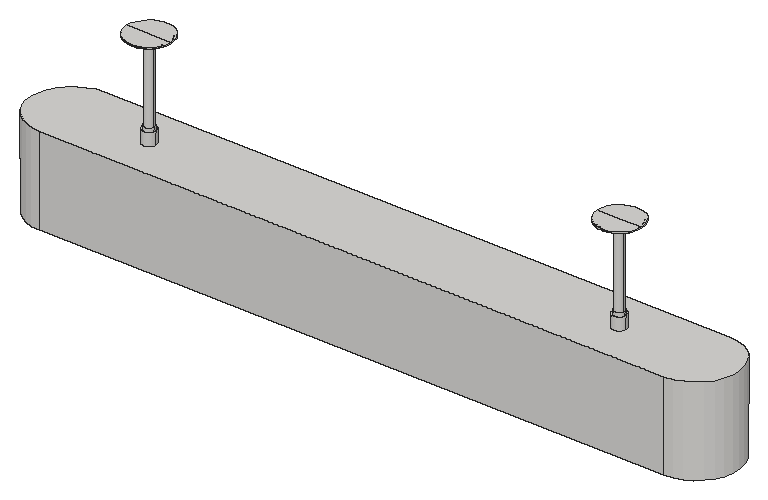
Revit family "FW1272 FIXTURE", category Lighting Fixtures, Revit 2024
Family settings
  Round Connector Dimension = Use Diameter
  Part Type = Normal
  OmniClass Number = 23.80.70.00
  OmniClass Title = Lighting
  Work Plane-Based = No
  Always vertical = Yes
  Cut with Voids When Loaded = No
  Light Source = No
  Maintain Annotation Orientation = No
  Shared = No
  Room Calculation Point = No
Parameters
  Default Elevation = 0' - 0"
Reference planes (in)
  plane 1 "Light Source Axis (F/B)": y = -8.60801
  plane 2: z = 0
  plane 3 "Light Source Axis (L/R)": x = 0
  plane 4 "Light Source Elevation": z = 54
  plane 5: z = 0
Forms (in)
  Extrusion 1, solid, material "58"
    sketch origin (-8.60801, -8.60801, 54) x (1, 0, 0) y (0, 1, 0)
      loop
        arc (-23.26699, 4.125) -> (-27.39199, 0) -> (-23.26699, -4.125) r 4.125
        line (-23.26699, -4.125) -> (40.48301, -4.125)
        arc (40.48301, -4.125) -> (44.60801, 0) -> (40.48301, 4.125) r 4.125
        line (40.48301, 4.125) -> (-23.26699, 4.125)
    from 0 to 9
  Revolve 2, solid, material "58"
    sketch origin (12, -8.60801, 0) x (1, 0, 0) y (0, 0, 1)
      loop
        line (12.6925, 64.2) -> (12.5175, 64.2) -> (12.5175, 64.5) -> (12.4375, 64.5) -> (12.4375, 72.06579)
        arc (12.4375, 72.06579) -> (13.23331, 72.26874) -> (13.95739, 72.65633) r 3.40539
        arc (13.95739, 72.65633) -> (13.98865, 72.69205) -> (13.99991, 72.73815) r 0.1
        line (13.99991, 72.73815) -> (13.99991, 72.78753) -> (14.2499, 72.78753) -> (14.2499, 72.88753) -> (12, 72.88753) -> (12, 63) -> (12.6925, 63) -> (12.6925, 64.2)
      axis (12, 72.88753) -> (12, 63)
    angle from 0 to 360
  Extrusion 3, void
    sketch origin (0, 0, 54) x (0, -1, 0) y (1, 0, 0)
      loop
        circle (8.60801, -18) r 3
      loop
        circle (8.60801, -6) r 3
      loop
        circle (8.60801, 6) r 3
      loop
        circle (8.60801, 18) r 3
      loop
        circle (8.60801, 30) r 3
      loop
        circle (8.60801, -30) r 3
    from 0 to 0.9422
  Revolve 4, solid, material "58"
    sketch origin (-12, -8.60801, 0) x (-1, 0, 0) y (0, 0, -1)
      loop
        line (12.6925, -64.2) -> (12.6925, -63) -> (12, -63) -> (12, -72.88753) -> (14.2499, -72.88753) -> (14.2499, -72.78753) -> (13.99991, -72.78753) -> (13.99991, -72.73815)
        arc (13.99991, -72.73815) -> (13.98865, -72.69205) -> (13.95739, -72.65633) r 0.1
        arc (13.95739, -72.65633) -> (13.23331, -72.26874) -> (12.4375, -72.06579) r 3.40539
        line (12.4375, -72.06579) -> (12.4375, -64.5) -> (12.5175, -64.5) -> (12.5175, -64.2) -> (12.6925, -64.2)
      axis (12, -72.88753) -> (12, -63)
    angle from 0 to 360
Cuts and joins
  Extrusion 3 cuts Extrusion 1
Dimensions and locks (in)
  aligned and locked: level to plane 5
